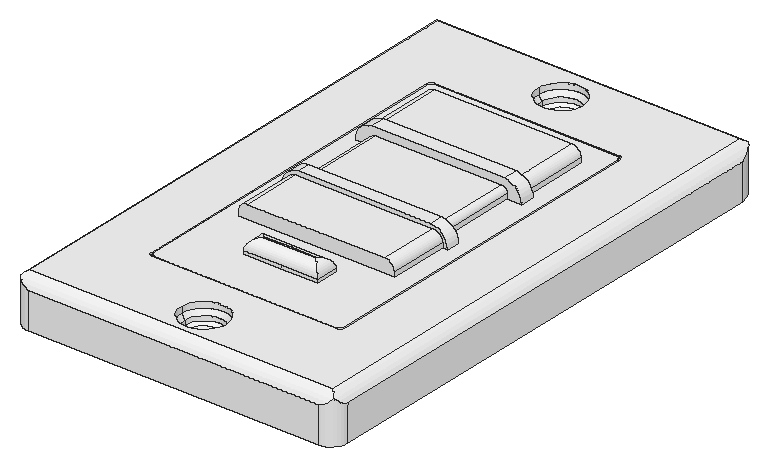
Revit family "iwszpm", category Communication Devices, host Face, Revit 2014
Parameters
  Warranty = "5-Years Warranty"  # constant formula
  Type Comments = "Manual On/ Auto OFF Passive Infrared Wall Switch Sensor"  # constant formula
  Standby Power = "120 or 277VAC, 60 Hz"  # constant formula
  Product Page URL = "https://www.hubbell.com/hubbellcontrolsolutions/en/Products/Lighting-Controls/Lighting-Controls-Sensors/Wallbox-Occupancy-Sensors/IWSZPM/p/220894"
  Product Documentation Link = "https://hubbellcdn.com/specsheet/1107a_iwszpm_cutsheet.pdf"
  URL = "https://www.hubbell.com/hubbellcontrolsolutions/en"
  Model = "Manual On/ Auto OFF Passive Infrared Wall Switch Sensor"  # constant formula
  Manufacturer = "Hubbell Control Solutions"  # constant formula
  Width = 2.75"
  Features = "Zero Arc Point Switching\r\n• No minimum load requirement\r\n• Adjustable time delay and sensitivity\r\n• Built-in photocell\r\n• Walk test indicator\r\n• Dual 120/277VAC operation\r\n• UL and cUL listed\r\n• Five-year limited warranty\r\n• 120-277 Vac"  # constant formula
  Black = Paint - Hubbell - Carbon Black
  Height = 4.50"
  White = Paint - Hubbell - Matte White
  Description = "The IWSZP3P is an automatic passive infrared wall switch occupancy sensor\r\nthat provides excellent energy savings as well as reliable motion detection.\r\nThe sensors’ low profile housing design provides the perfect wall switch for\r\napplications including private offices, conference rooms, break rooms, lounges\r\nand storage areas. "  # constant formula
  Default Elevation = 48.00"
  Create Date = "01/23/2019"
  Copyright = "Copyright © 2018 Hubbell Control Solutions"  # constant formula
  Contact Us = "https://www.hubbell.com/hubbellcontrolsolutions/en/contactUs"
  Assembly Code = "D5090"
Reference planes (in)
  plane 1 "Center (Front/Back)": y = 13.01342
  plane 2: z = 0
  plane 3 "Center (Left/Right)": x = 0
  plane 4: x = -1.375
  plane 5: x = 1.375
  plane 6: y = 15.26342
  plane 7: y = 10.76342
  plane 8: z = -1.35
  plane 9: z = 0.3
Forms (in)
  Extrusion 1, solid, material "Paint - Hubbell - Matte White" <- "White"
    sketch origin (0, 0, -0.5) x (1, 0, 0) y (0, 1, 0)
      loop
        arc (-1.17464, 15.26342) -> (-1.31632, 15.20473) -> (-1.375, 15.06306) r 0.20036
        line (-1.375, 15.06306) -> (-1.375, 10.91856)
        arc (-1.375, 10.91856) -> (-1.32956, 10.80886) -> (-1.21986, 10.76342) r 0.15514
        line (-1.21986, 10.76342) -> (1.23768, 10.76342)
        arc (1.23768, 10.76342) -> (1.33478, 10.80364) -> (1.375, 10.90074) r 0.13732
        line (1.375, 10.90074) -> (1.375, 15.08233)
        arc (1.375, 15.08233) -> (1.32196, 15.21038) -> (1.19391, 15.26342) r 0.18109
        line (1.19391, 15.26342) -> (-1.17464, 15.26342)
    from 0.8 to 0.4
  Extrusion 2, solid, material "Paint - Hubbell - Matte White" <- "White"
    sketch origin (0, 13.01342, 0) x (1, 0, 0) y (0, 0, 1)
      loop
        line (-0.66063, 0.3) -> (0, 0.3) -> (0.66063, 0.3) -> (0.66063, 0.33734)
        arc (0.66063, 0.33734) -> (0.6372, 0.39391) -> (0.58063, 0.41734) r 0.08
        arc (0.58063, 0.41734) -> (0, 0.4438) -> (-0.58063, 0.41734) r 6.38332
        arc (-0.58063, 0.41734) -> (-0.6372, 0.39391) -> (-0.66063, 0.33734) r 0.08
        line (-0.66063, 0.33734) -> (-0.66063, 0.3)
    from 0.72657 to 0.21808
  Extrusion 3, solid, material "Paint - Hubbell - Matte White" <- "White"
    sketch origin (0, 13.01342, 0) x (1, 0, 0) y (0, 0, -1)
      loop
        line (-0.66063, -0.3) -> (-0.66063, -0.33734)
        arc (-0.66063, -0.33734) -> (-0.6372, -0.39391) -> (-0.58063, -0.41734) r 0.08
        arc (-0.58063, -0.41734) -> (0, -0.4438) -> (0.58063, -0.41734) r 6.38332
        arc (0.58063, -0.41734) -> (0.6372, -0.39391) -> (0.66063, -0.33734) r 0.08
        line (0.66063, -0.33734) -> (0.66063, -0.3) -> (0, -0.3) -> (-0.66063, -0.3)
    from 1.25 to 0.68653
  Extrusion 4, solid, material "Paint - Hubbell - Matte White" <- "White"
    sketch origin (0, 13.01342, 0) x (1, 0, 0) y (0, 0, 1)
      loop
        line (-0.70457, 0.3) -> (0.70457, 0.3)
        arc (0.70457, 0.3) -> (0.66393, 0.40189) -> (0.56615, 0.45161) r 0.15553
        arc (0.56615, 0.45161) -> (0.00236, 0.47441) -> (-0.56145, 0.45205) r 7.05064
        arc (-0.56145, 0.45205) -> (-0.66232, 0.40362) -> (-0.70457, 0.3) r 0.15553
    from 0.21808 to 0.10621
  Extrusion 5, solid, material "Paint - Hubbell - Matte White" <- "White"
    sketch origin (0, 13.01342, 0) x (1, 0, 0) y (0, 0, 1)
      loop
        line (-0.58127, 0.3) -> (0.58327, 0.3) -> (0.58327, 0.34024)
        arc (0.58327, 0.34024) -> (0.56899, 0.3747) -> (0.53452, 0.38898) r 0.04874
        line (0.53452, 0.38898) -> (-0.53069, 0.38898)
        arc (-0.53069, 0.38898) -> (-0.56646, 0.37416) -> (-0.58127, 0.33839) r 0.05059
        line (-0.58127, 0.33839) -> (-0.58127, 0.3)
    from 0.10621 to -0.565
  Extrusion 6, solid, material "Paint - Hubbell - Matte White" <- "White"
    sketch origin (0, 13.01342, 0) x (1, 0, 0) y (0, 0, -1)
      loop
        arc (-0.70457, -0.3) -> (-0.66232, -0.40362) -> (-0.56145, -0.45205) r 0.15553
        arc (-0.56145, -0.45205) -> (0.00236, -0.47441) -> (0.56615, -0.45161) r 7.05064
        arc (0.56615, -0.45161) -> (0.66393, -0.40189) -> (0.70457, -0.3) r 0.15553
        line (0.70457, -0.3) -> (-0.70457, -0.3)
    from 0.68653 to 0.565
  Extrusion 7, void
    sketch origin (0, 0, 0) x (1, 0, 0) y (0, 1, 0)
      loop
        arc (-0.74834, 14.48155) -> (-0.77815, 14.4692) -> (-0.7905, 14.43939) r 0.04216
        line (-0.7905, 14.43939) -> (-0.7905, 11.55448)
        arc (-0.7905, 11.55448) -> (-0.77828, 11.52499) -> (-0.74879, 11.51277) r 0.04171
        line (-0.74879, 11.51277) -> (0.78336, 11.51277)
        arc (0.78336, 11.51277) -> (0.81271, 11.52493) -> (0.82486, 11.55427) r 0.0415
        line (0.82486, 11.55427) -> (0.82486, 14.43882)
        arc (0.82486, 14.43882) -> (0.81235, 14.46903) -> (0.78213, 14.48155) r 0.04273
        line (0.78213, 14.48155) -> (-0.74834, 14.48155)
      loop
        arc (-0.76556, 14.49592) -> (-0.79336, 14.48441) -> (-0.80487, 14.45661) r 0.03931
        line (-0.80487, 14.45661) -> (-0.80487, 11.54146)
        arc (-0.80487, 11.54146) -> (-0.79226, 11.51101) -> (-0.76181, 11.4984) r 0.04306
        line (-0.76181, 11.4984) -> (0.80083, 11.4984)
        arc (0.80083, 11.4984) -> (0.82799, 11.50965) -> (0.83924, 11.53681) r 0.03841
        line (0.83924, 11.53681) -> (0.83924, 14.4524)
        arc (0.83924, 14.4524) -> (0.82649, 14.48318) -> (0.79571, 14.49592) r 0.04353
        line (0.79571, 14.49592) -> (-0.76556, 14.49592)
    from 0.3 to 0.29
  Extrusion 8, solid, material "Paint - Hubbell - Matte White" <- "White"
    sketch origin (0, 0, 0) x (1, 0, 0) y (0, 1, 0)
      loop
        line (0, 12.09952) -> (-0.3125, 12.09952) -> (-0.3125, 11.90739) -> (0, 11.90739) -> (0.3125, 11.90739) -> (0.3125, 12.09952) -> (0, 12.09952)
    from 0.41734 to 0.3
  Sweep 9, void
    path in 3D
      loop
        line (-0.3125, 12.09952, 0.41734) -> (-0.3125, 11.90739, 0.41734) -> (0.3125, 11.90739, 0.41734) -> (0.3125, 12.09952, 0.41734) -> (0, 12.09952, 0.41734) -> (-0.3125, 12.09952, 0.41734)
    profile origin (-0.15625, 12.09952, 0.41734) x (0, -1, 0) y (0, 0, 1)
      loop
        line (0.09, 0) -> (0, 0) -> (0, -0.09)
        arc (0, -0.09) -> (0.02636, -0.02636) -> (0.09, 0) r 0.09
  Sweep 10, void
    path in 3D
      loop
        line (-1.375, 15.26342, 0.3) -> (-1.375, 10.76342, 0.3) -> (1.375, 10.76342, 0.3) -> (1.375, 15.26342, 0.3) -> (-1.375, 15.26342, 0.3)
    profile origin (0, 15.26342, 0.3) x (0, -1, 0) y (0, 0, 1)
      loop
        line (0, 0) -> (0, -0.09693)
        arc (0, -0.09693) -> (0.0368, -0.04055) -> (0.09054, 0) r 0.19544
        line (0.09054, 0) -> (0, 0)
  Revolve 11, void
    sketch origin (0, 14.87806, -0.5) x (1, 0, 0) y (0, 0, 1)
      loop
        line (0, 0.8) -> (0, 0.51463) -> (0.05002, 0.51463) -> (0.07896, 0.56476) -> (0.11566, 0.60146) -> (0.13962, 0.64297) -> (0.1657, 0.66904) -> (0.1657, 0.70528) -> (0.1922, 0.75117) -> (0.1922, 0.8) -> (0, 0.8)
      axis (0, 0.8) -> (0, 0.51463)
    angle from 0 to 360
  Revolve 12, void
    sketch origin (0, 11.09463, -0.5) x (1, 0, 0) y (0, 0, 1)
      loop
        line (0, 0.8) -> (0, 0.51463) -> (0.05002, 0.51463) -> (0.07896, 0.56476) -> (0.11566, 0.60146) -> (0.13962, 0.64297) -> (0.1657, 0.66904) -> (0.1657, 0.70528) -> (0.1922, 0.75117) -> (0.1922, 0.8) -> (0, 0.8)
      axis (0, 0.8) -> (0, 0.51463)
    angle from 0 to 360
Cuts and joins
  Extrusion 7, Sweep 10, Revolve 11, Revolve 12 cuts Extrusion 1
  Sweep 9, Sweep 10, Revolve 11, Revolve 12 cuts Extrusion 8
  joined: Extrusion 1, Extrusion 8
  joined: Extrusion 2, Extrusion 3, Extrusion 4, Extrusion 5, Extrusion 6
Lines and regions (in)
  sketch lines
    curve 1: line (0, 12.09952, 0.41734) -> (-0.3125, 12.09952, 0.41734)
    curve 2: line (0.3125, 12.09952, 0.41734) -> (0, 12.09952, 0.41734)
    curve 3: line (0.3125, 11.90739, 0.41734) -> (0.3125, 12.09952, 0.41734)
    curve 4: line (-0.3125, 12.09952, 0.41734) -> (-0.3125, 11.90739, 0.41734)
    curve 5: line (-0.3125, 11.90739, 0.41734) -> (0.3125, 11.90739, 0.41734)
    curve 6: line (1.375, 15.26342, 0.3) -> (-1.375, 15.26342, 0.3)
    curve 7: line (-1.375, 15.26342, 0.3) -> (-1.375, 10.76342, 0.3)
    curve 8: line (-1.375, 10.76342, 0.3) -> (1.375, 10.76342, 0.3)
    curve 9: line (1.375, 10.76342, 0.3) -> (1.375, 15.26342, 0.3)
Dimensions and locks (in)
  plane 2 to plane 8 = 1.35"
  "Width": plane 4 to plane 5
  equal spacing: plane 4, plane 3 "Center (Left/Right)", plane 5
  "Height": plane 7 to plane 6
  equal spacing: plane 7, plane 1 "Center (Front/Back)", plane 6
  plane 9 to plane 8 = 1.65"
  aligned and locked: plane 2 to host face
  aligned and locked: level to host face
  aligned and locked: Extrusion 4 to Extrusion 2
  aligned and locked: Extrusion 5 to Extrusion 4
Automatic sketch dimensions
  host sketch curve to host sketch curve = 96.00"  (x2)
  Extrusion 1 sketch curve to plane 4 = 0.00"
  plane 7 to Extrusion 1 sketch curve = 0.00"
  plane 6 to Extrusion 1 sketch curve = 0.00"
  Extrusion 1 sketch curve to plane 5 = 0.00"
  plane 4 to Extrusion 1 sketch curve = 0.15514"
  plane 4 to Extrusion 1 sketch curve = 0.20036"
  Extrusion 1 sketch curve to Extrusion 1 sketch curve = 0.18109"
  Extrusion 1 sketch curve to plane 5 = 0.13732"
  Extrusion 2 sketch curve to plane 9 = 0.00"
  Extrusion 2 sketch curve to plane 3 "Center (Left/Right)" = 0.00"  (x2)
  Extrusion 2 sketch curve to plane 9 = 0.03734"  (x2)
  Extrusion 2 sketch curve to plane 3 "Center (Left/Right)" = 0.58063"
  Extrusion 2 sketch curve to Extrusion 2 sketch curve = 0.08"
  plane 3 "Center (Left/Right)" to Extrusion 2 sketch curve = 0.58063"
  plane 8 to Extrusion 2 sketch curve = 4.58952"
  Extrusion 3 sketch curve to plane 9 = 0.00"
  Extrusion 3 sketch curve to plane 3 "Center (Left/Right)" = 0.00"  (x2)
  Extrusion 3 sketch curve to plane 9 = 0.03734"  (x2)
  Extrusion 3 sketch curve to plane 3 "Center (Left/Right)" = 0.58063"
  Extrusion 3 sketch curve to Extrusion 3 sketch curve = 0.08"
  plane 3 "Center (Left/Right)" to Extrusion 3 sketch curve = 0.58063"
  plane 8 to Extrusion 3 sketch curve = 4.58952"
  Extrusion 4 sketch curve to plane 9 = 0.00"
  plane 4 to Extrusion 4 sketch curve = 0.67043"
  plane 9 to Extrusion 4 sketch curve = 0.00298"  (x2)
  Extrusion 4 sketch curve to Extrusion 4 sketch curve = 0.1555"  (x2)
  Extrusion 4 sketch curve to plane 3 "Center (Left/Right)" = 0.00044"
  plane 3 "Center (Left/Right)" to Extrusion 4 sketch curve = 0.54907"
  plane 8 to Extrusion 4 sketch curve = 5.22623"
  Extrusion 4 sketch curve to Extrusion 4 sketch curve = 0.00"
  Extrusion 5 sketch curve to plane 9 = 0.00"
  Extrusion 5 sketch curve to plane 9 = 0.03839"
  Extrusion 5 sketch curve to plane 3 "Center (Left/Right)" = 0.58127"
  Extrusion 5 sketch curve to Extrusion 5 sketch curve = 0.05059"
  Extrusion 5 sketch curve to plane 9 = 0.04024"
  plane 3 "Center (Left/Right)" to Extrusion 5 sketch curve = 0.53452"
  Extrusion 6 sketch curve to plane 9 = 0.00"
  plane 4 to Extrusion 6 sketch curve = 0.67043"
  plane 9 to Extrusion 6 sketch curve = 0.00298"  (x2)
  Extrusion 6 sketch curve to Extrusion 6 sketch curve = 0.1555"  (x2)
  Extrusion 6 sketch curve to plane 3 "Center (Left/Right)" = 0.00044"
  plane 3 "Center (Left/Right)" to Extrusion 6 sketch curve = 0.54907"
  plane 8 to Extrusion 6 sketch curve = 5.22623"
  Extrusion 6 sketch curve to Extrusion 6 sketch curve = 0.00"
  plane 4 to Extrusion 7 sketch curve = 0.57013"
  Extrusion 7 sketch curve to Extrusion 7 sketch curve = 0.01438"
  Extrusion 7 sketch curve to Extrusion 7 sketch curve = 0.02494"
  Extrusion 7 sketch curve to Extrusion 7 sketch curve = 0.02869"
  Extrusion 7 sketch curve to Extrusion 7 sketch curve = 0.01302"
  Extrusion 7 sketch curve to Extrusion 7 sketch curve = 0.01722"
  Extrusion 7 sketch curve to plane 5 = 0.59287"
  Extrusion 7 sketch curve to plane 5 = 0.59164"
  Extrusion 7 sketch curve to Extrusion 7 sketch curve = 0.01358"  (x2)
  Extrusion 7 sketch curve to Extrusion 7 sketch curve = 0.01746"
  Extrusion 7 sketch curve to Extrusion 7 sketch curve = 0.02404"
  Extrusion 7 sketch curve to Extrusion 7 sketch curve = 0.01437"  (x2)
  Extrusion 7 sketch curve to plane 7 = 0.73498"
  plane 6 to Extrusion 7 sketch curve = 0.8246"
  Extrusion 8 sketch curve to plane 3 "Center (Left/Right)" = 0.00"  (x2)
  Extrusion 8 sketch curve to plane 3 "Center (Left/Right)" = 0.3125"
  Extrusion 8 sketch curve to Extrusion 8 sketch curve = 0.3125"
  plane 1 "Center (Front/Back)" to Extrusion 8 sketch curve = 1.10603"
  Extrusion 8 sketch curve to Extrusion 8 sketch curve = 0.19214"
  Sweep 9 sketch curve to profile plane = 0.00"  (x2)
  Sweep 9 sketch curve to Sweep 9 sketch curve = 0.09"
  Sweep 10 sketch curve to profile plane = 0.00"  (x2)
  Sweep 10 sketch curve to profile plane = 0.09054"
  Sweep 10 sketch curve to profile plane = 0.17962"
  Sweep 10 sketch curve to Sweep 10 sketch curve = 0.09693"
  Revolve 11 sketch curve to plane 3 "Center (Left/Right)" = 0.00"  (x2)
  Revolve 11 sketch curve to plane 9 = 0.00"
  level to Revolve 11 sketch curve = 0.01463"
  plane 3 "Center (Left/Right)" to Revolve 11 sketch curve = 0.05002"
  Revolve 11 sketch curve to Revolve 11 sketch curve = 0.02894"
  Revolve 11 sketch curve to Revolve 11 sketch curve = 0.0367"  (x2)
  Revolve 11 sketch curve to Revolve 11 sketch curve = 0.02397"
  Revolve 11 sketch curve to Revolve 11 sketch curve = 0.02607"  (x2)
  Revolve 11 sketch curve to Revolve 11 sketch curve = 0.0265"
  Revolve 11 sketch curve to Revolve 11 sketch curve = 0.05013"
  Revolve 11 sketch curve to Revolve 11 sketch curve = 0.04151"
  Revolve 11 sketch curve to Revolve 11 sketch curve = 0.03623"
  plane 9 to Revolve 11 sketch curve = 0.04883"
  plane 8 to Revolve 11 sketch curve = 23.27"
  Revolve 11 sketch curve to Revolve 11 sketch curve = 54.72668"
  Revolve 12 sketch curve to plane 3 "Center (Left/Right)" = 0.00"  (x2)
  Revolve 12 sketch curve to plane 9 = 0.00"
  level to Revolve 12 sketch curve = 0.01463"
  plane 3 "Center (Left/Right)" to Revolve 12 sketch curve = 0.05002"
  Revolve 12 sketch curve to Revolve 12 sketch curve = 0.02894"
  Revolve 12 sketch curve to Revolve 12 sketch curve = 0.0367"  (x2)
  Revolve 12 sketch curve to Revolve 12 sketch curve = 0.02397"
  Revolve 12 sketch curve to Revolve 12 sketch curve = 0.02607"  (x2)
  Revolve 12 sketch curve to Revolve 12 sketch curve = 0.0265"
  Revolve 12 sketch curve to Revolve 12 sketch curve = 0.05013"
  Revolve 12 sketch curve to Revolve 12 sketch curve = 0.04151"
  Revolve 12 sketch curve to Revolve 12 sketch curve = 0.03623"
  plane 9 to Revolve 12 sketch curve = 0.04883"
  plane 8 to Revolve 12 sketch curve = 23.27"
  Revolve 12 sketch curve to Revolve 12 sketch curve = 54.72668"
Connectors (in)
  electrical at (0.00464, 13.0023, -0.1)
    settings: on cut or joined group of Extrusion 1, Extrusion 7, Extrusion 8, Sweep 9, Sweep 10, Revolve 11, Revolve 12, index 1, voltage 0 V, apparent load 0 VA, apparent load phase1 0 VA, apparent load phase2 0 VA, apparent load phase3 0 VA, power factor 1, load classification "Other", number of poles 1, system type 13, power factor state 1, is connector primary yes, connector utility no, sub classification motor no, connector description "Manual On/ Auto OFF Passive Infrared Wall Switch Sensor"
